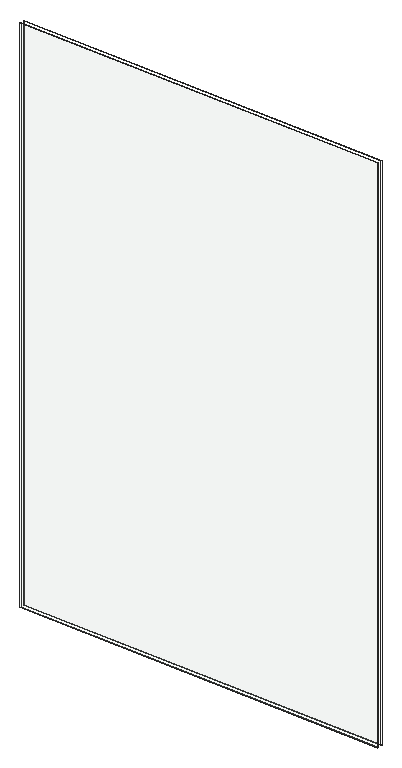
Revit family "Building-Materials_Glass-Glazing_Vitro-Architectural-Glass_Solexia-Glass", category Curtain Panels, Revit 2026
Family settings
  Classification Number = 23.25.20.14.11.11.17
  Always vertical = Yes
  Cut with Voids When Loaded = No
  Shared = No
Parameters (values of type "Solarban 60 (2) Solexia  + Clear")
  Visual Light Transmittance = if(Glass Code = 1, 0.77, if(Glass Code = 2, 0.69, if(Glass Code = 3, 0.66, if(Glass Code = 4, 0.61, if(Glass Code = 5, 0.61, if(Glass Code = 6, 0.47, if(Glass Code = 7, 0.56, if(Glass Code = 8, 0.56, if(Glass Code = 9, 0.36, if(Glass Code = 10, 0.44, if(Glass Code = 11, 0.44, 0.44)))))))))))  # 0.61
  UV Light Transmittance = 0.1
  URL = "https://www.vitroglazings.com/"
  U-Value Argon (Winter Night) = 0.2400 BTU/(h·ft²·°F)
  U-Value Argon (Summer Day) = 0.2200 BTU/(h·ft²·°F)
  U-Value Air (Winter Night) = 0.2900 BTU/(h·ft²·°F)
  U-Value Air (Summer Day) = 0.2700 BTU/(h·ft²·°F)
  Total Thickness = Airspace Thickness + [1st Lite Thickness] + [2nd Lite Thickness]  # 0' - 1"
  Thermal Resistance (R) = 8.3333 (h·ft²·°F)/BTU  # constant formula
  Solar Light Transmittance = 0.25
  Solar Heat Gain Coefficient = if(Glass Code = 1, 0.31, if(Glass Code = 2, 0.25, if(Glass Code = 3, 0.15, if(Glass Code = 4, 0.1, if(Glass Code = 5, 0.1, if(Glass Code = 6, 0.06, if(Glass Code = 7, 0.03, if(Glass Code = 8, 0.03, if(Glass Code = 9, 0.06, if(Glass Code = 10, 0.04, if(Glass Code = 11, 0.04, 0.04)))))))))))  # 0.1
  Shadow Coefficient = 0.37
  Reflectance (Visible Interior) = 12
  Reflectance (Visible Exterior) = 9
  Product data url = "https://www.bimobject.com/vitroarchictecturalglass/product/solexia-glass"
  Product Page URL = "https://www.vitroglazings.com/products/performance-tinted-glass/blue-green-tinted-glass/solexia-glass/"
  Product Guid = "9e27eae3-b117-465b-ad7d-7b84a973d80c"
  Model = "Solarban 60 (2) Solexia  + Clear"
  Manufacturer = "Vitro Architectural Glass "  # constant formula
  Light to Solar Gain = 1.91
  Keynote = "08900"  # constant formula
  Interior Glass Material = Vitro Architectural-Glass - Clear
  ISO Damage Weighted Transmittance = 0.44
  Heat Transfer Coefficient (U) = 0.2900 BTU/(h·ft²·°F)  # constant formula
  Glass Code = 4
  Finish = "Glass"  # constant formula
  Exterior Glass Material = Vitro Architectural-Glass - Solarban 60 (2) Solexia
  Description = "Offering high light transmittance, Solexia® glass is a soothing, light green tinted glass that is part of the nautically inspired collection by Vitro Glass. Trusted by architects since 1952, Solexia® glass remains an industry standard for spectrally selective performance."  # constant formula
  Define Thermal Properties by = Schematic Type
  Assembly Code = "B2020220"
  Analytic Construction = "Low-E double glazing (1/4 in + 1/4 in)"
  Airspace Thickness = 0' - 0 1/2"  # constant formula
  2nd Lite Thickness = 0' - 0 1/4"  # constant formula
  1st Lite Thickness = 0' - 0 1/4"  # constant formula
Types (10): name | Visual Light Transmittance | UV Light Transmittance | U-Value Argon (Winter Night) | U-Value Argon (Summer Day) | U-Value Air (Winter Night) | U-Value Air (Summer Day) | Solar Light Transmittance | Solar Heat Gain Coefficient | Shadow Coefficient | Reflectance (Visible Interior) | Reflectance (Visible Exterior) | Model | Light to Solar Gain | Interior Glass Material | ISO Damage Weighted Transmittance | Glass Code | Exterior Glass Material
  Solexia + Clear | 0.69 | 0.25 | 0.4500 BTU/(h·ft²·°F) | 0.4800 BTU/(h·ft²·°F) | 0.4700 BTU/(h·ft²·°F) | 0.5000 BTU/(h·ft²·°F) | 0.39 | 0.25 | 0.57 | 15 | 13 | "Solexia + Clear" | 1.38 | Vitro Architectural-Glass - Clear | 0.555 | 2 | Vitro Architectural-Glass - Solexia
  Solexia + Sungate 400 (3) Clear | 0.66 | 0.15 | 0.2800 BTU/(h·ft²·°F) | 0.2600 BTU/(h·ft²·°F) | 0.3200 BTU/(h·ft²·°F) | 0.3100 BTU/(h·ft²·°F) | 0.33 | 0.15 | 0.5 | 13 | 11 | "Solexia + Sungate 400 (3) Clear" | 1.5 | Vitro Architectural-Glass - Sungate 400 (3) Clear | 0.5 | 3 | Vitro Architectural-Glass - Solexia
  Solarban 60 (2) Solexia  + Clear | 0.61 | 0.1 | 0.2400 BTU/(h·ft²·°F) | 0.2200 BTU/(h·ft²·°F) | 0.2900 BTU/(h·ft²·°F) | 0.2700 BTU/(h·ft²·°F) | 0.25 | 0.1 | 0.37 | 12 | 9 | "Solarban 60 (2) Solexia  + Clear" | 1.91 | Vitro Architectural-Glass - Clear | 0.44 | 4 | Vitro Architectural-Glass - Solarban 60 (2) Solexia
  Solexia + Solarban 60 (3) Clear | 0.61 | 0.1 | 0.2400 BTU/(h·ft²·°F) | 0.2200 BTU/(h·ft²·°F) | 0.2900 BTU/(h·ft²·°F) | 0.2700 BTU/(h·ft²·°F) | 0.25 | 0.1 | 0.42 | 10 | 10 | "Solexia + Solarban 60 (3) Clear" | 1.65 | Vitro Architectural-Glass - Solarban 60 (3) Clear | 0.441 | 5 | Vitro Architectural-Glass - Solexia
  Solarban 67 (2) Solexia  + Clear | 0.47 | 0.06 | 0.2400 BTU/(h·ft²·°F) | 0.2200 BTU/(h·ft²·°F) | 0.2900 BTU/(h·ft²·°F) | 0.2700 BTU/(h·ft²·°F) | 0.19 | 0.06 | 0.29 | 16 | 16 | "Solarban 67 (2) Solexia  + Clear" | 1.88 | Vitro Architectural-Glass - Clear | 0.332 | 6 | Vitro Architectural-Glass - Solarban 67 (2) Solexia
  Solarban 70 (2) Solexia  + Clear | 0.56 | 0.03 | 0.2400 BTU/(h·ft²·°F) | 0.2100 BTU/(h·ft²·°F) | 0.2800 BTU/(h·ft²·°F) | 0.2600 BTU/(h·ft²·°F) | 0.19 | 0.03 | 0.29 | 14 | 11 | "Solarban 70 (2) Solexia  + Clear" | 2.15 | Vitro Architectural-Glass - Clear | 0.365 | 7 | Vitro Architectural-Glass - Solarban 70 (2) Solexia
  Solexia + Solarban 70 (3) | 0.56 | 0.03 | 0.2400 BTU/(h·ft²·°F) | 0.2100 BTU/(h·ft²·°F) | 0.2800 BTU/(h·ft²·°F) | 0.2600 BTU/(h·ft²·°F) | 0.2 | 0.03 | 0.37 | 12 | 11 | "Solexia + Solarban 70 (3)" | 1.75 | Vitro Architectural-Glass - Solarban 70 (3) | 0.363 | 8 | Vitro Architectural-Glass - Solexia
  Solarban R100 (2) Solexia + Clear | 0.36 | 0.06 | 0.2500 BTU/(h·ft²·°F) | 0.2200 BTU/(h·ft²·°F) | 0.2900 BTU/(h·ft²·°F) | 0.2700 BTU/(h·ft²·°F) | 0.15 | 0.06 | 0.24 | 13 | 25 | "Solarban R100 (2) Solexia + Clear" | 1.71 | Vitro Architectural-Glass - Clear | 0.277 | 9 | Vitro Architectural-Glass - Solarban R100 (2) Solexia
  Solarban 90 (2) Solexia  + Clear | 0.44 | 0.04 | 0.2400 BTU/(h·ft²·°F) | 0.2100 BTU/(h·ft²·°F) | 0.2900 BTU/(h·ft²·°F) | 0.2700 BTU/(h·ft²·°F) | 0.16 | 0.04 | 0.26 | 19 | 10 | "Solarban 90 (2) Solexia  + Clear" | 2 | Vitro Architectural-Glass - Clear | 0.299 | 10 | Vitro Architectural-Glass - Solarban 90 (2) Solexia
  Solexia + Solarban 90 (3) Clear | 0.44 | 0.04 | 0.2400 BTU/(h·ft²·°F) | 0.2100 BTU/(h·ft²·°F) | 0.2900 BTU/(h·ft²·°F) | 0.2700 BTU/(h·ft²·°F) | 0.16 | 0.04 | 0.34 | 12 | 16 | "Solexia + Solarban 90 (3) Clear" | 1.47 | Vitro Architectural-Glass - Solarban 90 (3) Clear | 0.299 | 11 | Vitro Architectural-Glass - Solexia
Reference planes (in)
  plane 1 "Front": y = 0
  plane 2: z = 0
  plane 3 "Center (Left/Right)": x = 0
  plane 4 "Left": x = -32.75106
  plane 5 "Right": x = 32.75106
  plane 6 "Top": z = 96
  plane 7: y = 0.25
  plane 8: y = -0.25
Forms (in)
  Extrusion 1, solid, material "Vitro Architectural-Glass - Clear" <- "Interior Glass Material"
    sketch origin (0, 0.5, 0) x (1, 0, 0) y (0, 1, 0)
      loop
        line (-32.75106, 0) -> (-32.75106, -0.25) -> (32.75106, -0.25) -> (32.75106, 0) -> (-32.75106, 0)
    from 0 to 96
  Extrusion 2, solid, material "Vitro Architectural-Glass - Solarban 60 (2) Solexia" <- "Exterior Glass Material"
    sketch origin (0, -0.5, 0) x (1, 0, 0) y (0, 1, 0)
      loop
        line (-32.75106, 0.25) -> (-32.75106, 0) -> (32.75106, 0) -> (32.75106, 0.25) -> (-32.75106, 0.25)
    from 0 to 96
Text (in)
  text "Exterior" at (-54.29358, 31.38743, 0), in view "Ref. Level"
  text "Exterior" at (480, 41.53993, 89.60405), in view "Right"
  text "Exterior" at (-240, 57.82419, 105.78864), in view "Left"
Dimensions and locks (in)
  equal spacing: plane 4 "Left", plane 3 "Center (Left/Right)", plane 5 "Right"
  "2nd Lite Thickness": Extrusion 2 sketch curve to Extrusion 2 sketch curve
  equal spacing: plane 7, plane 1 "Front", plane 8
  "Airspace Thickness": plane 7 to plane 8
  "1st Lite Thickness": Extrusion 1 sketch curve to plane 7
  "Total Thickness": Extrusion 2 to Extrusion 1
  aligned and locked: level to plane 2
  aligned and locked: Extrusion 1 sketch curve to plane 4 "Left"
  aligned and locked: plane 5 "Right" to Extrusion 1 sketch curve
  aligned and locked: plane 5 "Right" to Extrusion 2 sketch curve
  aligned and locked: Extrusion 2 sketch curve to plane 4 "Left"
  aligned and locked: Extrusion 1 to plane 6 "Top"
  aligned and locked: Extrusion 1 to level
  aligned and locked: Extrusion 2 to plane 6 "Top"
  aligned and locked: Extrusion 2 to level
  aligned and locked: plane 8 to Extrusion 2
  aligned and locked: plane 7 to Extrusion 1 sketch curve
  aligned and locked: Extrusion 2 sketch curve to plane 8
